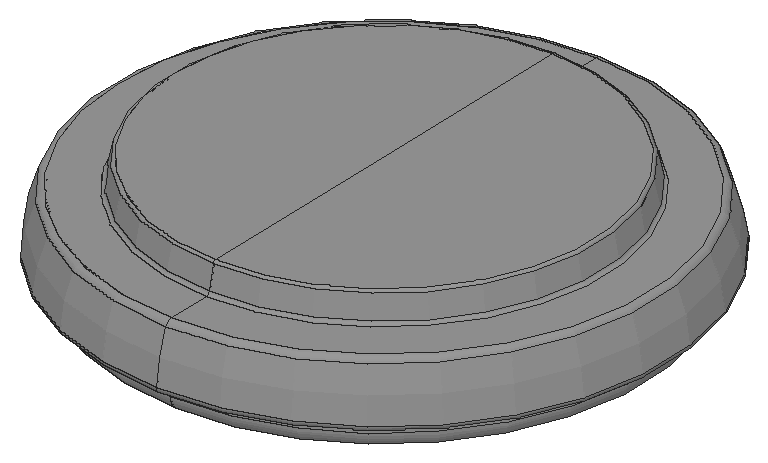
Revit family "FMK11_63_UN_Surface-mounted_ETK", category Lighting Fixtures, Revit 2017 (continued)
Definition of nested family "FMK.1 - Lightsource"
  Types (13, lengths in mm): name | Wattage Comments | Photometric Web File | built-in parameter 1150142 | Apparent Load
      \t396.567\t393.4076\t389.4614\t385.2324\t380.3628\r\n375.0971\t369.3074\t362.9584\t356.0822\t348.9057\t341.5547\t333.4658\t324.7233\t315.2043\t305.4599\r\n295.3979\t285.0138\t274.2949\t263.3441\t252.1436\t240.673\t229.1092\t216.7556\t203.6489\t190.6285\r\n177.6172\t164.6138\t151.9279\t138.069\t124.3573\t110.9691\t98.0454\t84.9215\t72.6465\t61.0698\r\n50.4112\t40.6936\t35.2704\t0\t0\t0\r\n405.3384\t404.7358\t403.6054\t401.6444\t399.3643\t396.5593\t393.314\t389.4309\t385.2102\t380.3495\r\n375.0755\t369.3024\t362.9627\t356.1346\t348.8119\t341.1533\t333.0509\t324.8191\t315.78\t306.215\r\n295.8199\t285.344\t274.4807\t263.3654\t252.0105\t240.3294\t228.4188\t216.2955\t204.1547\t190.9552\r\n177.6559\t164.3516\t151.1392\t138.0976\t124.9346\t111.112\t97.7813\t85.0908\t72.4995\t60.8236\r\n50.1998\t40.6227\t31.9768\t0\t0\t0\r\n405.3384\t404.7394\t403.6288\t401.6757\t399.3884\t396.5714\t393.3026\t389.3159\t385.1739\t380.3831\r\n375.0444\t369.2837\t362.956\t356.1295\t348.8706\t341.18\t332.9079\t324.3902\t315.4019\t306.3387\r\n296.4924\t286.1092\t274.9998\t263.7539\t252.2169\t240.3569\t228.2903\t215.9582\t203.4707\t190.8257\r\n178.1521\t164.6391\t151.0517\t137.6572\t124.4578\t111.6543\t98.0732\t84.9738\t72.5741\t60.6864\r\n50.0183\t40.4977\t31.9697\t4.8432\t0\t0\r\n405.3384\t404.7427\t403.6495\t401.7142\t399.4239\t396.6035\t393.3116\t389.2988\t385.0507\t380.3528\r\n375.0118\t369.216\t362.9424\t356.1024\t348.8405\t341.157\t332.9643\t324.4004\t315.2581\t305.8867\r\n296.1029\t285.938\t275.5954\t264.5683\t253.012\t240.8416\t228.6197\t216.12\t203.4137\t190.5511\r\n177.5394\t164.5113\t151.5042\t137.8415\t124.2858\t111.0124\t98.1587\t85.3964\t72.5721\t60.6586\r\n49.8431\t40.3398\t31.931\t24.5537\t0\t0\r\n405.3384\t404.7456\t403.6676\t401.9218\t399.4709\t396.6554\t393.3437\t389.317\t385.04\t380.243\r\n374.8993\t369.1788\t362.9127\t356.0814\t348.8285\t341.0552\t332.9667\t324.3861\t315.3329\t305.9127\r\n296.0531\t285.7481\t275.1336\t264.1996\t252.9355\t241.4903\t229.4495\t216.9446\t203.9312\t190.8555\r\n177.6361\t164.3347\t151.0106\t137.654\t124.597\t111.2218\t97.8665\t85.0744\t72.9905\t60.8587\r\n49.815\t40.1794\t31.9054\t24.5054\t0\t0\r\n405.3384\t404.7481\t403.6828\t401.9564\t399.6914\t396.7268\t393.4009\t389.3708\t385.0755\t380.2591\r\n374.9017\t369.0922\t362.8034\t355.9918\t348.805\t341.0277\t332.9542\t324.3714\t315.323\t305.9089\r\n296.0316\t285.7934\t275.1661\t264.1403\t252.8273\t241.0499\t229.0201\t216.7244\t204.2369\t191.596\r\n178.5079\t164.9396\t151.3939\t137.7973\t124.3337\t110.9506\t97.9162\t85.2011\t72.5165\t60.7879\r\n50.1751\t40.1846\t31.8501\t23.7681\t2.338\t0\r\n405.3384\t404.7502\t403.6952\t401.9835\t399.7343\t396.9809\t393.6545\t389.6213\t385.1579\t380.3298\r\n374.9735\t369.1608\t362.846\t356.0361\t348.7566\t340.9866\t332.8783\t324.3112\t315.2718\t305.9036\r\n296.0215\t285.8004\t275.1776\t264.1337\t252.8169\t241.0716\t228.9767\t216.6471\t204.0279\t191.1324\r\n178.1226\t164.8871\t151.6027\t138.2841\t125.113\t111.6596\t98.1698\t85.1028\t72.5249\t60.7088\r\n49.8427\t40.2477\t31.8931\t21.6048\t12.7168\t0\r\n405.3384\t404.7519\t403.7047\t402.0029\t399.7635\t397.03\t393.713\t389.7065\t385.4214\t380.5969\r\n375.2629\t369.475\t363.1447\t356.3663\t348.9144\t341.1566\t333.0078\t324.4526\t315.4033\t305.9527\r\n296.0665\t285.8226\t275.1844\t264.1482\t252.8009\t241.0835\t228.992\t216.6758\t204.0446\t191.1483\r\n178.0991\t164.8272\t151.446\t137.9974\t124.5467\t111.2577\t98.1105\t85.2503\t72.8411\t61.1518\r\n50.0901\t40.257\t31.8235\t18.932\t9.3489\t0\r\n405.3384\t404.7532\t403.7114\t402.0142\t399.7786\t397.0514\t393.739\t389.7475\t385.4637\t380.6413\r\n375.3272\t369.5568\t363.2361\t356.4824\t349.2137\t341.4886\t333.3185\t324.7975\t315.7614\t306.3155\r\n296.46\t286.2066\t275.5669\t264.5527\t253.1872\t241.5059\t229.4265\t217.1363\t204.5303\t191.6199\r\n178.5573\t165.3425\t151.9521\t138.4682\t125.0895\t111.6993\t98.5664\t85.5623\t73.0265\t61.1343\r\n50.1318\t40.4051\t31.9542\t21.7475\t6.5313\t5.115\r\n405.3384\t404.754\t403.7153\t402.0176\t399.7799\t397.0445\t393.7329\t389.7445\t385.4448\t380.6084\r\n375.2927\t369.5081\t363.1813\t356.4003\t348.9923\t341.2089\t333.0605\t324.4816\t315.4612\t305.9997\r\n296.1643\t285.8652\t275.2287\t264.2095\t252.8526\t241.1526\t229.101\t216.7417\t204.1781\t191.2242\r\n178.2221\t164.9153\t151.5534\t138.1498\t124.6539\t111.3162\t98.1603\t85.2342\t72.8561\t61.1128\r\n50.0588\t40.2091\t31.6937\t20.0166\t8.2012\t0\r\n405.3384\t404.7543\t403.7164\t402.013\t399.7671\t397.0096\t393.6945\t389.6977\t385.2046\t380.352\r\n375.0326\t369.2271\t362.9198\t356.1028\t348.9072\t341.0925\t332.98\t324.3798\t315.392\t305.9858\r\n296.2178\t285.8843\t275.26\t264.2624\t252.9154\t241.2093\t229.1994\t216.7906\t204.2527\t191.2919\r\n178.3227\t165.0516\t151.7425\t138.4595\t125.2028\t111.7417\t98.2552\t85.1615\t72.5973\t60.695\r\n49.8045\t40.1873\t31.7885\t21.7366\t11.2598\t0\r\n405.3384\t404.7542\t403.7146\t402.0006\t399.7406\t396.7678\t393.4611\t389.4878\t385.1447\t380.2959\r\n374.9894\t369.1909\t362.9156\t356.0932\t349.0203\t341.1855\t333.0998\t324.4896\t315.505\t306.0503\r\n296.2967\t285.9572\t275.331\t264.3672\t253.0197\t241.2839\t229.3045\t217.0032\t204.5011\t191.8693\r\n178.7706\t165.2052\t151.6675\t138.0714\t124.5282\t111.1465\t98.0318\t85.3325\t72.6503\t60.8256\r\n50.1888\t40.1684\t31.7403\t23.8387\t2.1341\t0\r\n405.3384\t404.7538\t403.7099\t401.9802\t399.5366\t396.7102\t393.425\t389.473\t385.1305\t380.2987\r\n375.0145\t369.3042\t363.0627\t356.2162\t349.106\t341.2551\t333.1682\t324.5601\t315.5632\t306.141\r\n296.3633\t286.0264\t275.4542\t264.555\t253.2624\t241.8449\t229.7806\t217.3072\t204.2808\t191.2288\r\n177.9866\t164.6878\t151.3619\t138.0114\t124.8764\t111.4955\t98.1121\t85.3017\t73.1816\t61.0006\r\n49.9354\t40.2492\t31.8581\t24.0616\t0\t0\r\n405.3384\t404.7529\t403.7024\t401.7855\t399.5057\t396.672\t393.4155\t389.4941\t385.1611\t380.4304\r\n375.1514\t369.3736\t363.1395\t356.2714\t349.1759\t341.3116\t333.2219\t324.6532\t315.5562\t306.2275\r\n296.4426\t286.3163\t276.0481\t265.0023\t253.4229\t241.2876\t229.0238\t216.5536\t203.8543\t191.005\r\n177.9846\t164.9422\t151.916\t138.291\t124.7136\t111.4068\t98.5597\t85.7613\t72.9154\t60.9832\r\n50.0561\t40.469\t32.0115\t24.4608\t0\t0\r\n405.3384\t404.7516\t403.6921\t401.7609\t399.4864\t396.6542\t393.4316\t389.5502\t385.2972\t380.4985\r\n375.2108\t369.4721\t363.1917\t356.3183\t349.193\t341.3957\t333.2365\t324.7362\t315.7989\t306.7788\r\n296.9084\t286.5675\t275.5271\t264.2722\t252.7027\t240.881\t228.7997\t216.5107\t204.0057\t191.4\r\n178.6746\t165.1736\t151.62\t138.2129\t125.0328\t112.2055\t98.6188\t85.54\t73.0956\t61.0986\r\n50.3019\t40.733\t32.2345\t4.8967\t0\t0\r\n405.3384\t404.75\t403.6788\t401.7433\t399.4783\t396.6572\t393.4722\t389.7044\t385.3553\t380.5675\r\n375.2574\t369.5435\t363.2413\t356.3845\t349.1744\t341.4877\t333.4438\t325.2596\t316.2784\t306.7217\r\n296.3214\t285.8791\t275.0611\t263.9604\t252.5538\t240.9175\t229.0191\t216.9459\t204.7661\t191.62\r\n178.311\t165.0395\t151.8279\t138.8308\t125.6546\t111.8365\t98.5513\t85.8398\t73.1455\t61.3695\r\n50.6583\t41.0273\t32.3467\t0\t0\t0\r\n405.3384\t404.7481\t403.4984\t401.7323\t399.4809\t396.6816\t393.6002\t389.7628\t385.3879\t380.6249\r\n375.3103\t369.6017\t363.2788\t356.4193\t349.3183\t342.0005\t333.9181\t325.234\t315.723\t306.0027\r\n295.9581\t285.6313\t274.9371\t264.0009\t252.7885\t241.3531\t229.8173\t217.4635\t204.4063\t191.4145\r\n178.427\t165.4423\t152.7479\t138.9494\t125.2565\t111.8804\t98.9846\t85.7966\t73.4077\t61.7586\r\n51.0678\t41.3029\t35.9314\t0\t0\t0\r\n405.3384\t404.7459\t403.4868\t401.7275\t399.4939\t396.8049\t393.6964\t389.8271\t385.4477\t380.6827\r\n375.3624\t369.5737\t363.2853\t356.625\t349.7894\t342.1135\t333.759\t324.599\t315.3556\t305.743\r\n295.8442\t285.6417\t275.1541\t264.3786\t253.3631\t242.055\t229.5599\t217.0052\t204.3824\t191.6906\r\n178.9998\t166.3228\t152.4157\t138.7896\t125.4113\t112.3666\t98.8823\t86.0884\t73.8385\t62.2076\r\n51.4507\t41.5049\t9.2672\t0\t0\t0\r\n405.3384\t404.7435\t403.478\t401.7288\t399.5168\t396.8915\t393.7354\t389.8846\t385.51\t380.7375\r\n375.3452\t369.6573\t363.4574\t357.1354\t349.7768\t341.6159\t333.1585\t324.3199\t315.1808\t305.7265\r\n295.9778\t285.8984\t275.6341\t265.1894\t253.7973\t241.5638\t229.4041\t217.1091\t204.7446\t192.3795\r\n179.7114\t165.8581\t152.3268\t139.0102\t125.9366\t112.2715\t99.1358\t86.5458\t74.2047\t62.612\r\n51.7507\t41.5902\t0\t0\t0\t0\r\n405.3384\t404.741\t403.4718\t401.7355\t399.6011\t396.9432\t393.7681\t389.932\t385.5756\t380.7897\r\n375.443\t369.7964\t363.9098\t357.1325\t349.266\t341.3026\t332.9179\t324.2017\t315.1981\t305.9037\r\n296.2962\t286.4176\t276.3927\t264.9598\t253.3075\t241.5117\t229.5688\t217.5503\t205.6807\t192.889\r\n179.2192\t165.8323\t152.6025\t139.6031\t125.8415\t112.4783\t99.6521\t86.8233\t74.5452\t62.9366\r\n51.9651\t45.2945\t0\t0\t0\t0\r\n405.3384\t404.7384\t403.468\t401.7035\t399.6374\t396.995\t393.7953\t389.976\t385.6432\t380.7904\r\n375.5949\t370.2269\t363.9316\t356.6257\t349.0084\t341.1154\t332.8331\t324.2647\t315.4008\t306.248\r\n296.8025\t287.1037\t276.0069\t264.7758\t253.2929\t241.7441\t230.0366\t218.4803\t205.6712\t192.4158\r\n179.2213\t166.1495\t153.2387\t139.4918\t125.9849\t112.9057\t99.9291\t87.1192\t74.8871\t63.2173\r\n52.1109\t27.9746\t0\t0\t0\t0\r\n405.3384\t404.7356\t403.4661\t401.721\t399.6762\t397.0462\t393.8176\t390.0145\t385.6532\t380.9042\r\n376.0431\t370.2884\t363.5098\t356.3413\t348.8597\t341.046\t332.9079\t324.5096\t315.7699\t306.7777\r\n297.4737\t286.6989\t275.8167\t264.7874\t253.5532\t242.2253\t231.0102\t218.411\t205.3993\t192.4497\r\n179.5316\t166.8\t153.159\t139.579\t126.3414\t113.3926\t100.1751\t87.4289\t75.1955\t63.4659\r\n52.2017\t0\t0\t0\t0\t0\r\n405.3384\t404.733\t403.4662\t401.7455\t399.7183\t397.0964\t393.8361\t390.0426\t385.7336\t381.0623\r\n376.1774\t370.1947\t363.2695\t356.1775\t348.8218\t341.077\t333.1051\t324.8433\t316.2831\t307.407\r\n297.0552\t286.507\t275.8559\t265.0142\t254.068\t243.1527\t230.9509\t218.1938\t205.4481\t192.7251\r\n180.2403\t166.8035\t153.224\t139.9046\t126.9133\t113.5219\t100.4126\t87.721\t75.5131\t63.7099\r\n57.0316\t0\t0\t0\t0\t0\r\n405.3384\t404.5716\t403.4386\t401.8549\t399.7644\t397.1477\t393.8153\t390.002\t385.8374\t381.4986\r\n376.1612\t369.7301\t363.0994\t356.1235\t348.8626\t341.2479\t333.4258\t325.2712\t316.9727\t307.0391\r\n296.8833\t286.5553\t276.0726\t265.4683\t254.9632\t243.4246\t230.701\t218.2156\t205.734\t193.2729\r\n180.506\t166.8251\t153.4668\t140.3769\t127.1788\t113.733\t100.6865\t88.0472\t75.8087\t63.919\r\n43.4528\t0\t0\t0\t0\t0\r\n405.3384\t404.5695\t403.4417\t401.8908\t399.8151\t397.1871\t393.8464\t390.0614\t385.9622\t381.6097\r\n376.0288\t369.5594\t362.993\t356.1449\t348.9704\t341.541\t333.8527\t326.0241\t316.6929\t306.8713\r\n296.8954\t286.7633\t276.4678\t266.0998\t255.327\t242.9729\t230.7031\t218.4384\t206.1859\t193.9199\r\n180.3346\t166.9807\t153.8693\t140.944\t127.3398\t114.0243\t101.0379\t88.3884\t76.1048\t64.1488\r\n6.9749\t0\t0\t0\t0\t0\r\n405.3384\t404.5686\t403.4473\t401.9294\t399.8708\t397.2314\t393.888\t390.1481\t386.3292\t381.6146\r\n375.6081\t369.4572\t362.9708\t356.227\t349.1889\t341.9177\t334.6149\t326.1454\t316.446\t306.8487\r\n297.0678\t287.1294\t277.0477\t266.8305\t254.9174\t242.9076\t230.8971\t218.8564\t206.9584\t193.7008\r\n180.4704\t167.3299\t154.3451\t141.0443\t127.5319\t114.3124\t101.4067\t88.7971\t76.469\t71.0786\r\n0\t0\t0\t0\t0\t0\r\n405.3384\t404.569\t403.4551\t401.9709\t399.9722\t397.2767\t393.8644\t390.2693\t386.4315\t381.5224\r\n375.4757\t369.3969\t363.0172\t356.385\t349.5164\t342.3709\t334.9069\t325.7199\t316.401\t306.979\r\n297.3492\t287.6224\t277.9395\t266.5253\t254.8042\t243.0641\t231.2325\t219.4481\t206.9163\t193.7663\r\n180.6898\t167.7888\t154.9305\t141.1807\t127.788\t114.6467\t101.7684\t89.1631\t76.8256\t62.9035\r\n0\t0\t0\t0\t0\t0\r\n405.3384\t404.5705\t403.4652\t402.0157\t400.0296\t397.3244\t393.9524\t390.3898\t386.4749\t381.113\r\n375.39\t369.382\t363.1266\t356.6158\t349.8921\t343.0771\t334.5968\t325.6122\t316.4672\t307.1637\r\n297.7815\t288.4949\t278.1045\t266.4097\t254.8889\t243.3295\t231.7654\t220.041\t206.912\t193.9248\r\n181.0884\t168.4498\t154.9864\t141.4211\t128.0925\t114.9955\t102.1644\t89.5728\t77.2034\t43.5306\r\n0\t0\t0\t0\t0\t0\r\n405.3384\t404.5732\t403.4775\t402.0644\t400.0795\t397.3766\t394.0366\t390.7644\t386.4775\t380.975\r\n375.3478\t369.4303\t363.2985\t356.906\t350.3047\t343.2698\t334.4485\t325.6355\t316.6363\t307.5138\r\n298.2746\t288.9228\t277.7118\t266.4225\t255.1174\t243.7588\t232.5514\t219.9024\t207.0118\t194.237\r\n181.5343\t168.8621\t155.1371\t141.6853\t128.4567\t115.4149\t102.6013\t89.9956\t77.5994\t6.1612\r\n0\t0\t0\t0\t0\t0\r\n405.3384\t404.605\t403.4921\t402.1706\t400.1256\t397.4349\t394.1374\t390.8498\t386.4029\t380.8564\r\n375.3437\t369.5284\t363.5073\t357.2499\t350.9824\t342.9428\t334.3995\t325.7395\t316.8926\t307.9367\r\n299.1107\t288.6921\t277.6635\t266.5801\t255.4385\t244.3047\t232.8477\t219.9489\t207.2573\t194.6292\r\n182.2468\t168.8709\t155.3197\t141.9922\t128.8173\t115.8454\t103.0693\t90.4482\t83.823\t0\r\n0\t0\t0\t0\t0\t0\r\n405.3384\t404.6092\t403.5089\t402.2202\t400.1649\t397.5054\t394.2569\t390.9141\t386.0396\t380.7981\r\n375.3806\t369.6687\t363.7508\t357.6622\t351.1724\t342.8014\t334.443\t325.8965\t317.2661\t308.4567\r\n299.4568\t288.5546\t277.7444\t266.8384\t255.8901\t245.0273\t232.652\t220.0806\t207.5676\t195.1229\r\n182.656\t169.0149\t155.5887\t142.3178\t129.2005\t116.2829\t103.5207\t90.9268\t73.3602\t0\r\n0\t0\t0\t0\t0\t0\r\n405.3384\t404.614\t403.5281\t402.2649\t400.1971\t397.5179\t394.3957\t390.9455\t385.9448\t380.7925\r\n375.4413\t369.8494\t364.0508\t358.3505\t351.161\t342.7657\t334.5401\t326.1385\t317.6475\t309.3183\r\n299.1891\t288.5712\t277.89\t267.2003\t256.4247\t245.3251\t232.6711\t220.2807\t207.9213\t195.8312\r\n182.7021\t169.2073\t155.8647\t142.6715\t129.6369\t116.7502\t103.9952\t91.3868\t55.3711\t0\r\n0\t0\t0\t0\t0\t0\r\n405.3384\t404.6195\t403.5495\t402.3045\t400.1849\t397.5978\t394.5611\t390.9396\t385.8781\t380.8033\r\n375.5216\t370.0613\t364.3857\t358.5968\t350.8049\t342.7895\t334.6808\t326.4772\t318.1163\t309.6303\r\n299.1657\t288.6692\t278.1592\t267.6065\t257.2226\t245.1417\t232.8538\t220.5787\t208.3699\t196.2276\r\n182.7779\t169.4445\t156.1917\t143.0507\t130.0526\t117.1893\t104.4737\t91.888\t14.9821\t0\r\n0\t0\t0\t0\t0\t0\r\n405.3384\t404.6254\t403.6469\t402.3383\t400.2215\t397.6657\t394.9951\t390.922\t385.84\t380.8256\r\n375.6462\t370.3021\t364.75\t358.7051\t350.7659\t342.8768\t334.8803\t326.8245\t318.9273\t309.6814\r\n299.1757\t288.8703\t278.4899\t268.1142\t257.5065\t245.2123\t233.0786\t220.9546\t208.9027\t196.5301\r\n182.9565\t169.6559\t156.4872\t143.4595\t130.5097\t117.6817\t104.9699\t100.108\t0.6502\t0\r\n0\t0\t0\t0\t0\t0\r\n405.3384\t404.6318\t403.6785\t402.3663\t400.2653\t397.732\t395.2235\t390.6501\t385.8302\t380.8791\r\n375.8045\t370.5591\t365.4\t358.3926\t350.7621\t343.0161\t335.1646\t327.2095\t319.3184\t309.3844\r\n299.2447\t289.0934\t278.9038\t268.8799\t257.3545\t245.3439\t233.3422\t221.3813\t209.5947\t196.4708\r\n183.1827\t169.9774\t156.8633\t143.857\t130.9408\t118.1517\t105.4613\t92.7841\t0\t0\r\n0\t0\t0\t0\t0\t0\r\n405.3384\t404.6385\t403.7052\t402.3881\t400.3166\t397.7952\t395.3429\t390.6457\t385.8372\t380.9677\r\n375.9682\t370.8385\t365.6602\t358.3552\t350.8047\t343.1988\t335.4588\t327.6657\t319.4853\t309.4034\r\n299.4263\t289.3714\t279.3274\t269.2917\t257.4272\t245.5406\t233.6779\t221.8454\t209.9683\t196.6268\r\n183.419\t170.2891\t157.2574\t144.3065\t131.442\t118.6656\t105.9935\t80.5222\t0\t0\r\n0\t0\t0\t0\t0\t0\r\n405.3384\t404.6457\t403.7326\t402.3665\t400.4161\t397.857\t395.396\t390.6723\t385.8834\t381.0767\r\n376.1402\t371.1325\t365.8072\t358.3418\t350.9131\t343.3865\t335.8213\t328.3888\t319.2622\t309.4538\r\n299.6286\t289.7446\t279.8181\t269.489\t257.5447\t245.7949\t234.0481\t222.3431\t210.2072\t196.8266\r\n183.6843\t170.6331\t157.653\t144.7457\t131.9283\t119.1863\t106.5168\t64.2232\t0\t0\r\n0\t0\t0\t0\t0\t0\r\n405.3384\t404.653\t403.7604\t402.3925\t400.4719\t397.9008\t395.3299\t390.7762\t385.9545\t381.2013\r\n376.3717\t371.4185\t365.8707\t358.3762\t351.0464\t343.6475\t336.1597\t328.7689\t319.2512\t309.5955\r\n299.8696\t290.1313\t280.5664\t269.3554\t257.7081\t246.0696\t234.4691\t223.0433\t210.1501\t197.0336\r\n183.9883\t170.9859\t158.0592\t145.1996\t132.404\t119.6892\t118.4422\t23.1728\t0\t0\r\n0\t0\t0\t0\t0\t0\r\n405.3384\t404.6607\t403.7887\t402.4189\t400.5194\t397.9841\t395.3017\t390.8021\t386.0595\t381.3509\r\n376.609\t372.0059\t365.5606\t358.4337\t351.2047\t343.9111\t336.5735\t328.9592\t319.3349\t309.7464\r\n300.1592\t290.5524\t280.9613\t269.4605\t257.9307\t246.4161\t234.914\t223.4171\t210.3211\t197.2897\r\n184.2922\t171.347\t158.483\t145.6681\t132.9075\t120.2165\t117.0674\t9.6552\t0\t0\r\n0\t0\t0\t0\t0\t0\r\n405.3384\t404.6686\t403.8173\t402.4487\t400.4786\t398.0829\t395.2688\t390.7871\t386.236\t381.5158\r\n376.8425\t372.2831\t365.5322\t358.5043\t351.3888\t344.1966\t336.967\t329.1152\t319.3903\t309.9762\r\n300.4823\t290.9786\t281.208\t269.6236\t258.201\t246.7695\t235.373\t223.7185\t210.5437\t197.5625\r\n184.62\t171.7433\t158.9199\t146.1384\t133.4045\t120.7201\t112.4944\t0\t0\t0\r\n0\t0\t0\t0\t0\t0\r\n405.3384\t404.6766\t403.8462\t402.4819\t400.4915\t398.4796\t395.2303\t390.7186\t386.3508\t381.7085\r\n377.0908\t372.472\t365.5842\t358.5935\t351.5911\t344.5067\t337.626\t328.8535\t319.5738\t310.1918\r\n300.8214\t291.4589\t281.3564\t269.774\t258.4546\t247.1517\t236.0692\t223.714\t210.7672\t197.8524\r\n184.9795\t172.1582\t159.3682\t146.6102\t133.9159\t121.2568\t105.4062\t0\t0\t0\r\n0\t0\t0\t0\t0\t0\r\n405.3384\t404.6848\t403.8753\t402.5301\t400.5307\t398.583\t395.2103\t390.7119\t386.3893\t381.9396\r\n377.3461\t372.6104\t365.6471\t358.7464\t351.8034\t344.8396\t337.9433\t328.9321\t319.7183\t310.4987\r\n301.2264\t292.1181\t281.2334\t270.0005\t258.7428\t247.5101\t236.4684\t223.8595\t211.0006\t198.1587\r\n185.3479\t172.5544\t159.8035\t147.094\t134.4184\t121.7849\t96.4328\t0\t0\t0\r\n0\t0\t0\t0\t0\t0\r\n405.3384\t404.6931\t403.9067\t402.5674\t400.5765\t398.6722\t394.9664\t390.7235\t386.4539\t382.113\r\n377.6242\t372.7081\t365.7225\t358.9132\t352.048\t345.1659\t338.1961\t329.0359\t319.9072\t310.7682\r\n301.6096\t292.51
      31\t281.4098\t270.2271\t259.073\t247.9351\t236.8476\t224.0483\t211.2287\t198.4476\r\n185.6936\t172.9579\t160.2642\t147.5784\t134.9349\t122.3252\t86.1454\t0\t0\t0\r\n0\t0\t0\t0\t0\t0\r\n405.3384\t404.7013\t403.9355\t402.6047\t400.6279\t398.7442\t394.9797\t390.7624\t386.5296\t382.2487\r\n377.8767\t372.7829\t365.8114\t359.0821\t352.3163\t345.4969\t338.3782\t329.1822\t320.1148\t311.0453\r\n301.9788\t292.7783\t281.6012\t270.5091\t259.4318\t248.3563\t237.1582\t224.2779\t211.525\t198.7849\r\n186.0555\t173.3757\t160.7092\t148.07\t135.4623\t122.8612\t75.0755\t0\t0\t0\r\n0\t0\t0\t0\t0\t0\r\n405.3384\t404.7096\t403.9642\t402.6417\t400.696\t398.8169\t394.9997\t390.8276\t386.6209\t382.4\r\n378.4045\t372.5543\t365.9079\t359.2494\t352.5682\t345.8699\t338.5647\t329.3189\t320.3594\t311.3938\r\n302.3891\t292.9835\t281.7699\t270.7837\t259.7753\t248.7659\t237.4402\t224.5309\t211.8182\t199.1223\r\n186.4527\t173.7952\t161.1646\t148.546\t135.9422\t136.5574\t36.2712\t0\t0\t0\r\n0\t0\t0\t0\t0\t0\r\n405.3384\t404.7178\t403.9929\t402.6782\t400.7519\t398.8854\t395.026\t390.892\t386.7324\t382.5558\r\n378.6203\t372.6325\t366.0305\t359.4259\t352.8102\t346.4602\t338.6937\t329.5211\t320.6143\t311.6861\r\n302.7765\t293.2351\t282.0305\t271.0823\t260.1226\t249.1874\t237.6911\t224.7942\t212.1326\t199.4867\r\n186.8497\t174.2259\t161.627\t149.0287\t136.4442\t136.3962\t26.9716\t0\t0\t0\r\n0\t0\t0\t0\t0\t0\r\n405.3384\t404.6914\t404.0217\t402.7091\t400.8043\t398.9593\t395.0594\t390.9615\t386.8432\t382.7092\r\n378.801\t372.7103\t366.1644\t359.6071\t353.0451\t346.7466\t338.5155\t329.6953\t320.856\t312.0088\r\n303.4086\t293.141\t282.2549\t271.3663\t260.4867\t249.8243\t237.7137\t225.078\t212.4489\t199.8329\r\n187.2298\t174.6407\t162.0656\t149.4977\t136.955\t135.4145\t19.5256\t0\t0\t0\r\n0\t0\t0\t0\t0\t0\r\n405.3384\t404.7005\t404.0507\t402.746\t400.8525\t399.0149\t395.1063\t391.0352\t386.9537\t382.8571\r\n378.9473\t372.7817\t366.3088\t359.7982\t353.2745\t346.9636\t338.607\t329.856\t321.0835\t312.3124\r\n303.7495\t293.3407\t282.511\t271.6734\t260.8498\t250.2149\t237.9693\t225.3524\t212.7549\t200.1806\r\n187.6084\t175.0519\t162.4906\t149.9475\t137.4166\t133.8797\t13.6311\t0\t0\t0\r\n0\t0\t0\t0\t0\t0\r\n405.3384\t404.7108\t404.0796\t402.7843\t400.8877\t399.06\t395.1456\t391.1188\t387.0668\t382.9967\r\n379.0731\t372.8602\t366.4344\t359.992\t353.5293\t347.231\t338.7751\t330.037\t321.3186\t312.5878\r\n304.0399\t293.5366\t282.7541\t271.985\t261.2033\t250.5727\t238.235\t225.6682\t213.1063\t200.5484\r\n187.9915\t175.44\t162.9051\t150.3796\t137.8499\t132.1112\t9.049\t0\t0\t0\r\n0\t0\t0\t0\t0\t0\r\n405.3384\t404.7219\t404.1089\t402.8238\t400.9307\t399.0883\t395.1801\t391.1927\t387.1857\t383.169\r\n379.2169\t372.9472\t366.5494\t360.1591\t353.7665\t347.4796\t338.9588\t330.2784\t321.6039\t312.9326\r\n304.37\t293.7905\t283.028\t272.2877\t261.5559\t250.9361\t238.5243\t225.9828\t213.451\t200.9164\r\n188.3884\t175.864\t163.3455\t150.8322\t138.3259\t130.4379\t5.5781\t0\t0\t0\r\n0\t0\t0\t0\t0\t0\r\n405.3384\t404.7342\t404.1351\t402.865\t400.9737\t399.12\t395.2037\t391.2563\t387.2891\t383.3216\r\n379.3873\t373.0758\t366.7069\t360.3353\t353.9603\t347.6673\t339.1189\t330.4846\t321.8502\t313.2065\r\n304.6365\t294.0074\t283.3053\t272.5923\t261.8888\t251.2466\t238.8042\t226.288\t213.7758\t201.2543\r\n188.7472\t176.2444\t163.7419\t151.2436\t138.7407\t128.9732\t3.0455\t0\t0\t0\r\n0\t0\t0\t0\t0\t0\r\n405.3384\t404.7473\t404.1652\t402.9077\t401.0164\t399.1498\t395.2384\t391.3183\t387.3793\t383.4461\r\n379.5207\t373.2102\t366.8716\t360.5312\t354.1897\t347.8811\t339.3172\t330.7163\t322.1136\t313.5188\r\n304.9383\t294.2817\t283.5867\t272.897\t262.2085\t251.5646\t239.0978\t226.5986\t214.1015\t201.6074\r\n189.1137\t176.6257\t164.1331\t151.6523\t139.1633\t127.9276\t1.3255\t0\t0\t0\r\n0\t0\t0\t0\t0\t0\r\n405.3384\t404.7615\t404.1956\t402.9517\t401.0448\t399.145\t395.2486\t391.3511\t387.4664\t383.5602\r\n379.6494\t373.3451\t367.0309\t360.7181\t354.3931\t348.0876\t339.524\t330.9519\t322.3792\t313.8076\r\n305.2448\t294.5755\t283.8944\t273.2262\t262.5489\t251.8832\t239.4077\t226.9344\t214.4518\t201.9798\r\n189.4978\t177.0255\t164.5446\t152.064\t139.5954\t127.4356\t0.3276\t0\t0\t0\r\n0\t0\t0\t0\t0\t0" | 12 VA
